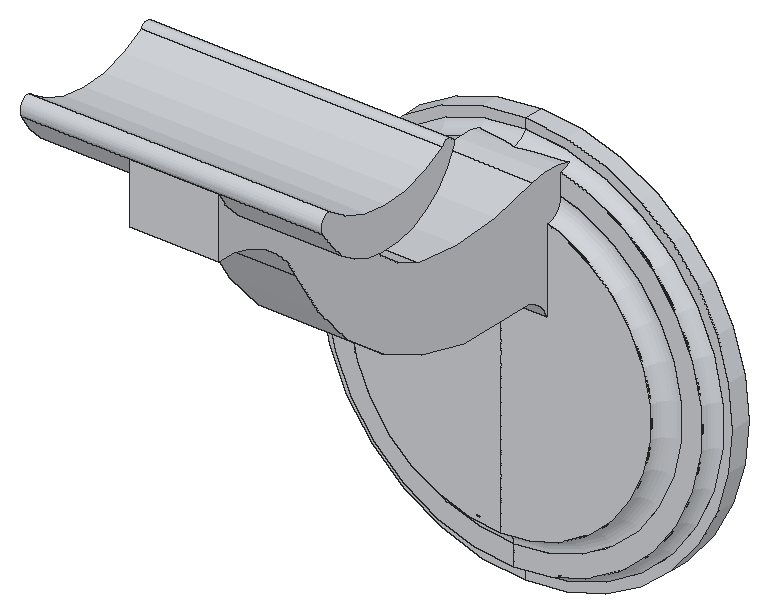
Revit family "382", category Supports, Revit 2019
Family settings
  Work Plane-Based = No
  Always vertical = Yes
  Cut with Voids When Loaded = No
  Shared = No
Parameters
  URL = "https://www.juliusblum.com/"
  Support Material = none
  Model = "382"
  Manufacturer = "Julius Blum & Co Inc."
  built-in parameter 1152166 = 0' - 3"
  built-in parameter 1152165 [instance] = 0' - 2.50607"
  Description = "Julius Blum & Co Inc. supplies stock material only and does not offer custom design, fabricating or installation services."
Reference planes (in)
  plane 1 "Center (Front/Back)": y = 0
  plane 2: z = 0
  plane 3 "Center (Left/Right)": x = 0
  plane 4: z = -3
  plane 5 "Hand Clearance": y = 2.50607
Forms (in)
  Revolve 1, solid
    sketch origin (0, 0, 0) x (0, 1, 0) y (0, 0, 1)
      loop
        line (2.16943, -2.43882) -> (2.16943, -3.43882)
        arc (2.16943, -3.43882) -> (2.24878, -3.47168) -> (2.28164, -3.55103) r 0.11221
        line (2.28164, -3.55103) -> (2.28164, -3.68882)
        arc (2.28164, -3.68882) -> (2.33975, -3.70504) -> (2.38107, -3.74901) r 0.11221
        line (2.38107, -3.74901) -> (2.38107, -3.81382) -> (2.50607, -3.81382) -> (2.50607, -2.43882) -> (2.16943, -2.43882)
      axis (2.50607, -2.43882) -> (2.16943, -2.43882)
    angle from 0 to 360
  Extrusion 2, solid
    sketch origin (0, -0.49393, 0) x (0, 1, 0) y (0, 0, 1)
      loop
        arc (-0.00909, -0.00249) -> (-0.0696, -0.04425) -> (-0.06177, -0.11736) r 0.0719
        arc (-0.06177, -0.11736) -> (0.50014, -0.44029) -> (1.02481, -0.05984) r 0.59632
        arc (1.02481, -0.05984) -> (0.99086, -0.00374) -> (0.93126, -0.03109) r 0.04925
        arc (0.93126, -0.03109) -> (0.45651, -0.16732) -> (-0.00909, -0.00249) r 0.80991
    from -1 to 1
  Extrusion 3, solid
    sketch origin (0, 0, 0) x (0, 1, 0) y (0, 0, 1)
      loop
        arc (1.48369, -1.90788) -> (1.75799, -1.92057) -> (2.03228, -1.90788) r 2.9702
        arc (2.03228, -1.90788) -> (2.11341, -1.96383) -> (2.16943, -2.04491) r 0.27332
        line (2.16943, -2.04491) -> (2.38107, -2.04491) -> (2.38107, -1.20809)
        arc (2.38107, -1.20809) -> (2.22029, -1.18417) -> (2.05832, -1.19778) r 0.70367
        arc (2.05832, -1.19778) -> (1.58783, -1.28748) -> (1.10965, -1.26011) r 1.95544
        arc (1.10965, -1.26011) -> (0.65859, -0.93546) -> (0.46274, -0.41536) r 0.96083
        arc (0.46274, -0.41536) -> (0.45858, -0.27103) -> (0.49732, -0.13194) r 0.48243
        arc (0.49732, -0.13194) -> (-0.03357, -0.44106) -> (-0.5557, -0.11736) r 0.59632
        line (-0.5557, -0.11736) -> (-0.5557, -0.51998)
        arc (-0.5557, -0.51998) -> (-0.18055, -0.60919) -> (0.08728, -0.88661) r 0.6863
        arc (0.08728, -0.88661) -> (0.65962, -1.56935) -> (1.48369, -1.90788) r 1.86124
    from -0.28431 to 0.30479
Lines and regions (in)
  reference lines
    curve 1: circle (0, 0, 0) r 0.5 normal (0, 0, 1)
Dimensions and locks (in)
  "built-in parameter 1152166": plane 2 to plane 4
  "built-in parameter 1152165": plane 5 "Hand Clearance" to plane 1 "Center (Front/Back)"
  aligned and locked: plane 2 to level
Automatic sketch dimensions
  plane 1 "Center (Front/Back)" to curve 1 = 0' - 0"
  curve 1 to plane 3 "Center (Left/Right)" = 0' - 0"
  plane 5 "Hand Clearance" to Revolve 1 sketch curve = 0' - 0"  (x2)
  plane 5 "Hand Clearance" to Revolve 1 sketch curve = 0' - 0 1/8"
  Revolve 1 sketch curve to Revolve 1 sketch curve = 0' - 0.09942"
  Revolve 1 sketch curve to Revolve 1 sketch curve = 0' - 0.11221"
  Revolve 1 sketch curve to plane 4 = 0' - 0.81382"
  Revolve 1 sketch curve to Revolve 1 sketch curve = 0' - 0.01279"
  Revolve 1 sketch curve to Revolve 1 sketch curve = 0' - 0.06481"
  Revolve 1 sketch curve to Revolve 1 sketch curve = 0' - 0.13779"
  Revolve 1 sketch curve to Revolve 1 sketch curve = 0' - 0.30656"
  plane 4 to Revolve 1 sketch curve = 0' - 0.56118"
  Revolve 1 sketch curve to Revolve 1 sketch curve = 0' - 0"
  plane 1 "Center (Front/Back)" to Extrusion 2 sketch curve = 0' - 0.01281"
  Extrusion 2 sketch curve to level = 0' - 0.05082"
  plane 1 "Center (Front/Back)" to Extrusion 2 sketch curve = 0' - 0.50302"
  Extrusion 2 sketch curve to Extrusion 2 sketch curve = 0' - 0.04513"
  Extrusion 2 sketch curve to Extrusion 2 sketch curve = 0' - 0.04842"
  Extrusion 2 sketch curve to Extrusion 2 sketch curve = 0' - 0.00902"
  level to Extrusion 2 sketch curve = 0' - 0.1552"
  plane 1 "Center (Front/Back)" to Extrusion 2 sketch curve = 0' - 0.02532"
  plane 1 "Center (Front/Back)" to Extrusion 2 sketch curve = 0' - 0.5557"
  plane 1 "Center (Front/Back)" to Extrusion 2 sketch curve = 0' - 0.49819"
  Extrusion 2 sketch curve to Extrusion 2 sketch curve = 0' - 0.07173"
  Extrusion 2 sketch curve to level = 0' - 0.00249"
  plane 1 "Center (Front/Back)" to Extrusion 3 sketch curve = 0' - 0.5557"
  plane 1 "Center (Front/Back)" to Extrusion 3 sketch curve = 0' - 0.52051"
  plane 1 "Center (Front/Back)" to Extrusion 3 sketch curve = 0' - 0.02532"
  Extrusion 3 sketch curve to level = 0' - 0.32945"
  Extrusion 3 sketch curve to Extrusion 3 sketch curve = 0' - 0.48397"
  Extrusion 3 sketch curve to Extrusion 3 sketch curve = 0' - 0.03818"
  Extrusion 3 sketch curve to Extrusion 3 sketch curve = 0' - 0.29837"
  Extrusion 3 sketch curve to level = 0' - 0.06702"
  Extrusion 3 sketch curve to Extrusion 3 sketch curve = 0' - 0.33692"
  plane 5 "Hand Clearance" to Extrusion 3 sketch curve = 0' - 0.58583"
  Extrusion 3 sketch curve to Extrusion 3 sketch curve = 0' - 0.2492"
  Extrusion 3 sketch curve to Extrusion 3 sketch curve = 0' - 0.0284"
  plane 5 "Hand Clearance" to Extrusion 3 sketch curve = 0' - 0 1/8"
  Extrusion 3 sketch curve to level = 0' - 0.35127"
  Extrusion 3 sketch curve to level = 0' - 0.51998"
  Extrusion 3 sketch curve to Extrusion 3 sketch curve = 0' - 0.6854"
  Extrusion 3 sketch curve to Extrusion 3 sketch curve = 0' - 0.6794"
  Extrusion 3 sketch curve to Extrusion 3 sketch curve = 0' - 0.15743"
  Extrusion 3 sketch curve to Extrusion 3 sketch curve = 0' - 0.11227"
  Extrusion 3 sketch curve to level = 0' - 0.11736"
  level to Extrusion 3 sketch curve = 0' - 0.1552"
  level to Extrusion 3 sketch curve = 0' - 0.66376"
  Extrusion 3 sketch curve to Extrusion 3 sketch curve = 0' - 0.38586"
  Extrusion 3 sketch curve to plane 1 "Center (Front/Back)" = 0' - 0.08728"
  Extrusion 3 sketch curve to level = 0' - 0.41536"
  Extrusion 3 sketch curve to plane 1 "Center (Front/Back)" = 0' - 0.46274"
  Extrusion 3 sketch curve to Extrusion 3 sketch curve = 0' - 0.43654"
  Extrusion 3 sketch curve to Extrusion 3 sketch curve = 0' - 0.32275"
  Extrusion 3 sketch curve to Extrusion 3 sketch curve = 0' - 0.13703"
  Extrusion 3 sketch curve to Extrusion 3 sketch curve = 0' - 0.37404"
  radius of curve 1 = 0' - 0 1/2"
